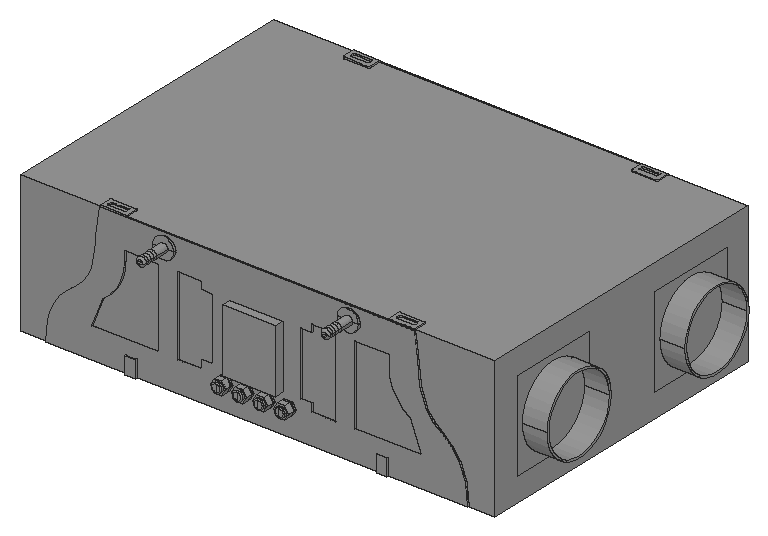
Revit family "VUT PB_en", category Оборудование, Revit 2021
Family settings
  Размер круглого соединителя = Использовать диаметр
  Классификация = Нет
  Тип детали = Нормальный
  На основе рабочей плоскости = Нет
  Всегда вертикально = Да
  При загрузке вырезать с полостями = Нет
  Общий = Нет
  Точка принадлежности помещению = Нет
Parameters (values of type "VUT 180 P5B EC A21")
  Изготовитель = "Vents"  # constant formula
  Width = B  # 600 mm
  Top mount = no
  Right = no
  Отметка по умолчанию = 0 mm
  Length = L  # 900 mm
  Left = no
  l6 = 137 mm
  l5 = 137 mm
  l4 = 132 mm
  l3 = 132 mm
  l22 = 144 mm
  l2 = 137 mm
  l = 50 mm  # constant formula
  h1 = 0 mm
  h = -H / 2  # -132 mm
  Weight = 14.00 kg
  Voltage = 230 V
  URL = "https://ventilation-system.com/series/vut-vue-180-p5b-ec"
  Sound pressure level at 3 m distance = "33 dBA"
  Pressure_Static_Air [instance] = 0.0 m³/h
  Power = 87 W
  Number of Fase = 1
  Maximum Air Flow = 220.0 m³/h
  Maintenance zone material = none
  Load Classification = "HVAC"
  l222 = if(Left, l2, if(Type 180, 137 mm, l22))  # 137 mm
  L = 900 mm
  Height = H  # 264 mm
  H = 264 mm
  Filter = "G4, F7"
  Dy = D - 5 mm  # 145 mm
  Diameter = D  # 150 mm
  D = 150 mm
  Casing Material = Polypropylene (black)
  B = 600 mm
  Amperage = 0.71 A
  Air Flow [instance] = 0.0 m³/h
  A = 500 mm
  Type 180 = yes
  09_System_Name [instance] = ""
  00_20_Type = "VUT 180 P5B EC A21"
  00_20_Name = "Heat recovery air handling unit"  # constant formula
  00_20_Manufacturer = "Vents"  # constant formula
Types (9, lengths in mm): name | Width | Top mount | Right | Length | Left | l6 | l5 | l4 | l3 | l22 | l2 | h1 | h | Weight | URL | Sound pressure level at 3 m distance | Power | Maximum Air Flow | l222 | L | Height | H | Dy | Diameter | D | Casing Material | B | Amperage | A | Type 180 | 00_20_Type
  (no name) | 600 | no | no | 900 | no | 137 | 137 | 132 | 132 | 144 | 137 | 0 | -132 | 14.00 kg | "https://ventilation-system.com/series/vut-vue-180-p5b-ec" | "33 dBA" | 87 W | 220.0 m³/h | 137 | 900 | 264 | 264 | 145 | 150 | 150 | Polypropylene (black) | 600 | 0.71 A | 500 | yes | "VUT 180 P5B EC A21"
  VUT 160 PB EC L A21 | 754 | yes | no | 1008 | yes | 216 | 123 | 128 | 159 | 144 | 245 | 20 | -170 | 48.00 kg | "https://ventilation-system.com/uploads/download/v108en_a4_04_preview.pdf" | "26 dBA" | 50 W | 190.0 m³/h | 245 | 1008 | 340 | 340 | 120 | 125 | 125 | Steel, galvanized | 754 | 0.4 A | 500 | no | "VUT 160 PB EC L A21"
  VUT 160 PB EC R A21 | 754 | yes | yes | 1008 | no | 245 | 245 | 159 | 128 | 216 | 123 | 20 | -170 | 48.00 kg | "https://ventilation-system.com/uploads/download/v108en_a4_04_preview.pdf" | "26 dBA" | 50 W | 190.0 m³/h | 216 | 1008 | 340 | 340 | 120 | 125 | 125 | Steel, galvanized | 754 | 0.4 A | 500 | no | "VUT 160 PB EC R A21"
  VUT 250 PB EC R A21 | 754 | yes | yes | 1008 | no | 245 | 245 | 159 | 128 | 216 | 123 | 20 | -170 | 48.00 kg | "https://ventilation-system.com/uploads/download/v108en_a4_04_preview.pdf" | "28 dBA" | 101 W | 270.0 m³/h | 216 | 1008 | 340 | 340 | 120 | 125 | 125 | Steel, galvanized | 754 | 0.8 A | 500 | no | "VUT 250 PB EC R A21"
  VUT 250 PB EC L A21 | 754 | yes | no | 1008 | yes | 216 | 123 | 128 | 159 | 144 | 245 | 20 | -170 | 48.00 kg | "https://ventilation-system.com/uploads/download/v108en_a4_04_preview.pdf" | "28 dBA" | 101 W | 270.0 m³/h | 245 | 1008 | 340 | 340 | 120 | 125 | 125 | Steel, galvanized | 754 | 0.8 A | 500 | no | "VUT 250 PB EC L A21"
  VUT 350 PB EC L A21 | 1044 | yes | no | 1138 | yes | 282 | 144 | 119 | 159 | 144 | 345 | 20 | -170 | 70.00 kg | "https://ventilation-system.com/uploads/download/v108en_a4_04_preview.pdf" | "34 dBA" | 170 W | 410.0 m³/h | 345 | 1138 | 340 | 340 | 155 | 160 | 160 | Steel, galvanized | 1044 | 1.3 A | 700 | no | "VUT 350 PB EC L A21"
  VUT 350 PB EC R A21 | 1044 | yes | yes | 1138 | no | 345 | 345 | 159 | 119 | 144 | 144 | 20 | -170 | 70.00 kg | "https://ventilation-system.com/uploads/download/v108en_a4_04_preview.pdf" | "34 dBA" | 170 W | 410.0 m³/h | 144 | 1138 | 340 | 340 | 155 | 160 | 160 | Steel, galvanized | 1044 | 1.3 A | 700 | no | "VUT 350 PB EC R A21"
  VUT 180 P5B EC A21 | 600 | no | no | 900 | no | 137 | 137 | 132 | 132 | 144 | 137 | 0 | -132 | 14.00 kg | "https://ventilation-system.com/series/vut-vue-180-p5b-ec" | "33 dBA" | 87 W | 220.0 m³/h | 137 | 900 | 264 | 264 | 145 | 150 | 150 | Polypropylene (black) | 600 | 0.71 A | 500 | yes | "VUT 180 P5B EC A21"
  VUE 180 P5B EC A21 | 600 | no | no | 900 | no | 137 | 137 | 132 | 132 | 144 | 137 | 0 | -132 | 14.00 kg | "https://ventilation-system.com/series/vut-vue-180-p5b-ec" | "33 dBA" | 87 W | 220.0 m³/h | 137 | 900 | 264 | 264 | 145 | 150 | 150 | Polypropylene (black) | 600 | 0.71 A | 500 | yes | "VUE 180 P5B EC A21"
Reference planes
  plane 1 "По центру (Вперед/Назад)": y = 0
  plane 2: z = 0
  plane 3 "По центру (Влево/Вправо)": x = 0
  plane 4: y = 300
  plane 5: y = -300
  plane 6: x = 450
  plane 7: x = -450
Forms (mm)
  Extrusion 1, solid, material "Polypropylene (black)" <- "Casing Material"
    sketch origin (0, 0, 0) x (1, 0, 0) y (0, 1, 0)
      loop
        line (-450, 300) -> (-450, -300) -> (450, -300) -> (450, 300) -> (-450, 300)
    from -264 to 0
  Extrusion 2, solid, material "Polypropylene (black)" <- "Casing Material", visible <- "Top mount"
    sketch origin (0, 0, 0) x (1, 0, 0) y (0, 0, 1)
      loop
        line (-402, -20) -> (-402, -18) -> (-456, -18) -> (-456, 0) -> (-490, 0) -> (-490, -2) -> (-458, -2) -> (-458, -20) -> (-402, -20)
    from -250 to 250
  Extrusion 3, solid, material "Polypropylene (black)" <- "Casing Material", visible <- "Top mount"
    sketch origin (0, 0, 0) x (-1, 0, 0) y (0, 0, -1)
      loop
        line (-402, 20) -> (-458, 20) -> (-458, 2) -> (-490, 2) -> (-490, 0) -> (-456, 0) -> (-456, 18) -> (-402, 18) -> (-402, 20)
    from -250 to 250
  Extrusion 4, solid, material "Сталь, гальванизированная"
    sketch origin (0, -182.221, 9.797) x (0, 1, 0) y (0, 0, 1)
      loop
        circle (345.221, -141.797) r 75
      loop
        circle (345.221, -141.797) r 72.5
    from -500 to -450
  Extrusion 5, solid, material "Сталь, гальванизированная"
    sketch origin (0, -542.221, 9.797) x (0, 1, 0) y (0, 0, 1)
      loop
        circle (379.221, -141.797) r 75
      loop
        circle (379.221, -141.797) r 72.5
    from -500 to -450
  Extrusion 6, solid, material "Сталь, гальванизированная"
    sketch origin (0, -182.221, 9.797) x (0, 1, 0) y (0, 0, -1)
      loop
        circle (345.221, 141.797) r 75
      loop
        circle (345.221, 141.797) r 72.5
    from -500 to -450
  Extrusion 7, solid, material "Сталь, гальванизированная"
    sketch origin (0, -542.221, 9.797) x (0, 1, 0) y (0, 0, -1)
      loop
        circle (379.221, 141.797) r 75
      loop
        circle (379.221, 141.797) r 72.5
    from -500 to -450
  Extrusion 8, solid, material "Polypropylene (black)" <- "Casing Material", visible <- "Right"
    sketch origin (-118.607, 0, 0) x (1, 0, 0) y (0, 1, 0)
      loop
        line (76.107, -300) -> (76.107, -385) -> (161.107, -385) -> (161.107, -300) -> (76.107, -300)
    from -264 to -290
  Extrusion 9, solid, material "Сталь, гальванизированная", visible <- "Left"
    sketch origin (-118.607, 0, 0) x (1, 0, 0) y (0, 1, 0)
      loop
        line (76.107, 300) -> (161.107, 300) -> (161.107, 385) -> (76.107, 385) -> (76.107, 300)
    from -340 to -290
  Extrusion 10, solid, material "Сталь, гальванизированная", visible <- "Type 180"
    sketch origin (0, 0, 0) x (0, 1, 0) y (0, 0, 1)
      loop
        line (302, -234) -> (302, -264) -> (-302, -264) -> (-302, -234) -> (-304, -234) -> (-304, -266) -> (304, -266) -> (304, -234) -> (302, -234)
    from 228.7 to 248.66
  Extrusion 11, solid, material "Сталь, гальванизированная", visible <- "Type 180"
    sketch origin (0, 0, 0) x (0, 1, 0) y (0, 0, -1)
      loop
        line (302, 234) -> (304, 234) -> (304, 266) -> (-304, 266) -> (-304, 234) -> (-302, 234) -> (-302, 264) -> (302, 264) -> (302, 234)
    from 228.7 to 248.66
  Extrusion 12, solid, material "Сталь, гальванизированная", visible <- "Type 180"
    sketch origin (0, 0, 0) x (1, 0, 0) y (0, 0, 1)
      loop
        line (50, -191.612) -> (50, -71.612) -> (-50, -71.612) -> (-50, -191.612) -> (50, -191.612)
    from 300 to 320
  Extrusion 13, solid, material "Сталь, гальванизированная", visible <- "Type 180"
    sketch origin (0, 0, 0) x (0, 1, 0) y (0, 0, 1)
      loop
        line (248, -217) -> (248, -47) -> (78, -47) -> (78, -217) -> (248, -217)
      loop
        line (-78, -217) -> (-78, -47) -> (-248, -47) -> (-248, -217) -> (-78, -217)
    from 450 to 451
  Extrusion 14, solid, material "Сталь, гальванизированная", visible <- "Type 180"
    sketch origin (0, 0, 0) x (0, 1, 0) y (0, 0, -1)
      loop
        line (248, 217) -> (78, 217) -> (78, 47) -> (248, 47) -> (248, 217)
      loop
        line (-78, 217) -> (-248, 217) -> (-248, 47) -> (-78, 47) -> (-78, 217)
    from 450 to 451
Text (mm)
  text "Улица" at (-1513.225, 249.998, 0), in view "Опорный уровень"
  text "Помещение" at (1546.775, 249.998, 0), in view "Опорный уровень"
Dimensions and locks
  equal spacing: plane 7, plane 3 "По центру (Влево/Вправо)", plane 6
  "L": plane 7 to plane 6
  equal spacing: plane 4, plane 1 "По центру (Вперед/Назад)", plane 5
  "B": plane 4 to plane 5
  "H": level to Extrusion 1
  "l222": Extrusion 5 sketch curve to plane 5
  "l3": Extrusion 1 to Extrusion 5 sketch curve
  "l4": Extrusion 1 to Extrusion 4 sketch curve
  "l5": plane 4 to Extrusion 4 sketch curve
  "l": Extrusion 4 to plane 7
  "l": Extrusion 5 to plane 7
  "l3": Extrusion 7 sketch curve to Extrusion 1
  "l2": plane 5 to Extrusion 7 sketch curve
  "l4": Extrusion 1 to Extrusion 6 sketch curve
  "l6": Extrusion 6 sketch curve to plane 4
  "l": plane 6 to Extrusion 6
  "l": plane 6 to Extrusion 7
  equal spacing: Extrusion 2, plane 1 "По центру (Вперед/Назад)", Extrusion 2
  "A": Extrusion 2 to Extrusion 2
  equal spacing: Extrusion 3, plane 1 "По центру (Вперед/Назад)", Extrusion 3
  "A": Extrusion 3 to Extrusion 3
  "h1": level to Extrusion 1
  Extrusion 10 to Extrusion 10 = 19.96 mm
  locked: Extrusion 12 to plane 5 at 20
  locked: plane 6 to Extrusion 13 at 1
  "D": diameter of Extrusion 4 sketch curve
  "D": diameter of Extrusion 5 sketch curve
  "D": diameter of Extrusion 6 sketch curve
  "D": diameter of Extrusion 7 sketch curve
  "Dy": diameter of Extrusion 4 sketch curve
  "Dy": diameter of Extrusion 5 sketch curve
  "Dy": diameter of Extrusion 7 sketch curve
  "Dy": diameter of Extrusion 6 sketch curve
  aligned and locked: level to plane 2
  aligned and locked: Extrusion 1 sketch curve to plane 4
  aligned and locked: Extrusion 1 sketch curve to plane 7
  aligned and locked: plane 5 to Extrusion 1 sketch curve
  aligned and locked: plane 6 to Extrusion 1 sketch curve
  aligned and locked: nested 1 to plane 4
  aligned and locked: Extrusion 5 to plane 7
  aligned and locked: Extrusion 4 to plane 7
  aligned and locked: plane 6 to Extrusion 6
  aligned and locked: plane 6 to Extrusion 7
  aligned and locked: nested 2 to plane 5
  aligned and locked: plane 3 "По центру (Влево/Вправо)" to nested 2
  aligned and locked: plane 5 to nested 5
  aligned and locked: plane 3 "По центру (Влево/Вправо)" to nested 5
  aligned and locked: nested 3 to plane 5
  aligned and locked: nested 4 to plane 5
  aligned and locked: Extrusion 1 to Extrusion 8
  aligned and locked: nested 1 to plane 3 "По центру (Влево/Вправо)"
  aligned and locked: nested 6 to plane 4
  aligned and locked: plane 4 to nested 8
  aligned and locked: nested 7 to plane 4
  aligned and locked: Extrusion 9 to plane 4
  aligned and locked: plane 3 "По центру (Влево/Вправо)" to nested 9
  aligned and locked: nested 9 to plane 5
  aligned and locked: nested 10 to plane 4
  aligned and locked: nested 10 to plane 3 "По центру (Влево/Вправо)"
  aligned and locked: Extrusion 10 to nested 10
  aligned and locked: nested 10 to Extrusion 11
  aligned and locked: plane 5 to Extrusion 12
  aligned and locked: nested 11 to plane 5
  aligned and locked: nested 15 to plane 5
  aligned and locked: plane 5 to nested 16
  aligned and locked: plane 6 to Extrusion 13
  aligned and locked: Extrusion 14 to plane 7
  aligned and locked: nested 17 to plane 5
  aligned and locked: nested 18 to plane 5
  aligned and locked: nested 20 to plane 4
  aligned and locked: nested 19 to plane 4
Automatic sketch dimensions
  Extrusion 2 sketch curve to level = 0 mm
  plane 7 to Extrusion 2 sketch curve = 40 mm
  Extrusion 2 sketch curve to level = 2 mm
  plane 7 to Extrusion 2 sketch curve = 8 mm
  Extrusion 2 sketch curve to Extrusion 2 sketch curve = 2 mm  (x2)
  Extrusion 2 sketch curve to level = 18 mm
  Extrusion 2 sketch curve to plane 7 = 48 mm
  Extrusion 3 sketch curve to level = 0 mm
  Extrusion 3 sketch curve to plane 6 = 40 mm
  Extrusion 3 sketch curve to level = 2 mm
  Extrusion 3 sketch curve to plane 6 = 8 mm
  Extrusion 3 sketch curve to Extrusion 3 sketch curve = 2 mm  (x2)
  Extrusion 3 sketch curve to level = 18 mm
  plane 6 to Extrusion 3 sketch curve = 48 mm
  Extrusion 8 sketch curve to plane 5 = 0 mm
  Extrusion 8 sketch curve to plane 3 "По центру (Влево/Вправо)" = 42.5 mm
  plane 3 "По центру (Влево/Вправо)" to Extrusion 8 sketch curve = 42.5 mm
  Extrusion 8 sketch curve to plane 5 = 85 mm
  Extrusion 9 sketch curve to plane 4 = 0 mm
  plane 3 "По центру (Влево/Вправо)" to Extrusion 9 sketch curve = 42.5 mm
  Extrusion 9 sketch curve to plane 3 "По центру (Влево/Вправо)" = 42.5 mm
  Extrusion 9 sketch curve to Extrusion 9 sketch curve = 85 mm
  Extrusion 10 sketch curve to plane 5 = 4 mm
  Extrusion 10 sketch curve to plane 5 = 2 mm
  plane 4 to Extrusion 10 sketch curve = 2 mm
  Extrusion 10 sketch curve to Extrusion 10 sketch curve = 2 mm  (x2)
  Extrusion 10 sketch curve to level = 266 mm
  Extrusion 10 sketch curve to Extrusion 10 sketch curve = 30 mm  (x2)
  Extrusion 11 sketch curve to plane 5 = 4 mm
  Extrusion 11 sketch curve to plane 5 = 2 mm
  plane 4 to Extrusion 11 sketch curve = 2 mm
  Extrusion 11 sketch curve to Extrusion 11 sketch curve = 2 mm  (x2)
  Extrusion 11 sketch curve to level = 234 mm  (x2)
  Extrusion 11 sketch curve to Extrusion 11 sketch curve = 30 mm
  Extrusion 12 sketch curve to plane 3 "По центру (Влево/Вправо)" = 50 mm
  plane 3 "По центру (Влево/Вправо)" to Extrusion 12 sketch curve = 50 mm
  Extrusion 12 sketch curve to level = 191.612 mm
  Extrusion 12 sketch curve to level = 71.612 mm
  plane 5 to Extrusion 13 sketch curve = 52 mm
  plane 1 "По центру (Вперед/Назад)" to Extrusion 13 sketch curve = 78 mm
  Extrusion 13 sketch curve to plane 1 "По центру (Вперед/Назад)" = 78 mm
  Extrusion 13 sketch curve to plane 4 = 52 mm
  Extrusion 13 sketch curve to level = 217 mm  (x2)
  Extrusion 13 sketch curve to level = 47 mm  (x2)
  plane 5 to Extrusion 14 sketch curve = 52 mm
  plane 1 "По центру (Вперед/Назад)" to Extrusion 14 sketch curve = 78 mm
  Extrusion 14 sketch curve to plane 1 "По центру (Вперед/Назад)" = 78 mm
  Extrusion 14 sketch curve to plane 4 = 52 mm
  Extrusion 14 sketch curve to level = 47 mm  (x2)
  Extrusion 14 sketch curve to Extrusion 14 sketch curve = 170 mm  (x2)
  Extrusion 4 sketch curve to Extrusion 4 sketch curve = 0 mm  (x2)
  Extrusion 5 sketch curve to Extrusion 5 sketch curve = 0 mm  (x2)
  Extrusion 6 sketch curve to Extrusion 6 sketch curve = 0 mm  (x2)
  Extrusion 7 sketch curve to Extrusion 7 sketch curve = 0 mm  (x2)
Nested families
  nested 1: "Штуцер" at (0, 300, -132) x (0, 0, 1) z (0, 1, 0), built-in parameter 1001360 <- "h", visible <- "Left", type "24"
  nested 2: "Штуцер" at (0, -300, -132) x (0, 0, 1) z (0, -1, 0), built-in parameter 1001360 <- "h", visible <- "Right", type "24"
  nested 3: "Штуцер" at (-50, -300, -132) x (0, 0, 1) z (0, -1, 0), built-in parameter 1001360 <- "h", visible <- "Right", type "24"
  nested 4: "Штуцер" at (50, -300, -132) x (0, 0, 1) z (0, -1, 0), built-in parameter 1001360 <- "h", visible <- "Right", type "24"
  nested 5: "Штуцер" at (0, -300, -220) x (1, 0, 0) z (0, -1, 0), visible <- "Right", type "24"
  nested 6: "Штуцер" at (-50, 300, -132) x (0, 0, 1) z (0, 1, 0), built-in parameter 1001360 <- "h", visible <- "Left", type "24"
  nested 7: "Штуцер" at (50, 300, -132) x (0, 0, 1) z (0, 1, 0), built-in parameter 1001360 <- "h", visible <- "Left", type "24"
  nested 8: "Штуцер" at (0, 300, -220) x (1, 0, 0) z (0, 1, 0), visible <- "Left", type "24"
  nested 9: "Накладка" at (0, -300, 0), visible <- "Type 180", type "Накладка"
  nested 10: "Накладка" at (0, 300, 0), visible <- "Type 180", type "Накладка"
  nested 11: "Штуцер" at (20, -300, -214.5) x (0, 0, 1) z (0, -1, 0), visible <- "Type 180", type "24"
  nested 12: "Штуцер" at (60, -300, -214.5) x (0, 0, 1) z (0, -1, 0), visible <- "Type 180", type "24"
  nested 13: "Штуцер" at (-20, -300, -214.5) x (0, 0, 1) z (0, -1, 0), visible <- "Type 180", type "24"
  nested 14: "Штуцер" at (-60, -300, -214.5) x (0, 0, 1) z (0, -1, 0), visible <- "Type 180", type "24"
  nested 15: "Наконечник" at (-175, -300, -25), visible <- "Type 180", type "Наконечник"
  nested 16: "Наконечник" at (175, -300, -25) x (-1, 0, 0) z (0, 0, 1), visible <- "Type 180", type "Наконечник"
  nested 17: "Наконечник" at (324, -300, -45), visible <- "Left", type "Наконечник"
  nested 18: "Наконечник" at (-226, -300, -45), visible <- "Left", type "Наконечник"
  nested 19: "Наконечник" at (324, 300, -45), visible <- "Right", type "Наконечник"
  nested 20: "Наконечник" at (-226, 300, -45), visible <- "Right", type "Наконечник"
Connectors
  hvac at (-500, -163, -132), driven by "D"
    settings: on Extrusion 5, index 1, duct flow 0.0 m³/h, flow factor 0, pres drop 0.0 Pa, loss coef 0, conn angle 0.00°, conn width 304.8 mm, conn height 304.8 mm, conn diameter 150 mm, duct sys type 4, conn prof type 0, flow config 0, flow direction 0, loss method 0, conn ref index -1, conn util no, is conn primary yes, conn desc ""
  hvac at (-500, 163, -132), driven by "D"
    settings: on Extrusion 4, index 2, duct flow 0.0 m³/h, flow factor 0, pres drop 0.0 Pa, loss coef 0, conn angle 0.00°, conn width 304.8 mm, conn height 304.8 mm, conn diameter 150 mm, duct sys type 4, conn prof type 0, flow config 0, flow direction 0, loss method 0, conn ref index -1, conn util no, is conn primary no, conn desc ""
  hvac at (500, -163, -132), driven by "D"
    settings: on Extrusion 7, index 3, duct flow 0.0 m³/h, flow factor 0, pres drop 0.0 Pa, loss coef 0, conn angle 0.00°, conn width 304.8 mm, conn height 304.8 mm, conn diameter 150 mm, duct sys type 4, conn prof type 0, flow config 0, flow direction 0, loss method 0, conn ref index -1, conn util no, is conn primary no, conn desc ""
  hvac at (500, 163, -132), driven by "D"
    settings: on Extrusion 6, index 4, duct flow 0.0 m³/h, flow factor 0, pres drop 0.0 Pa, loss coef 0, conn angle 0.00°, conn width 304.8 mm, conn height 304.8 mm, conn diameter 150 mm, duct sys type 4, conn prof type 0, flow config 0, flow direction 0, loss method 0, conn ref index -1, conn util no, is conn primary no, conn desc ""
  piping at (324, 305, -45), diameter 16
    settings: on nested 19, index 5, connector inside diameter 609.6 mm, connector length 0 mm, flow factor 0, pipe flow 0.0 L/s, pressure drop 0.0 Pa, fitting loss kfactor 0, connector angle 0.00°, fixture units 0, engagement length 0 mm, angle of deflection 0.00°, flow configuration 0, flow direction 0, fitting loss method 0, system type 22, joint type 0, gender type 0, connector reference index -1, connector utility 0, adjustable connector no, is connector primary yes, connector description ""
  piping at (-226, 305, -45), diameter 16
    settings: on nested 20, index 6, connector inside diameter 609.6 mm, connector length 0 mm, flow factor 0, pipe flow 0.0 L/s, pressure drop 0.0 Pa, fitting loss kfactor 0, connector angle 0.00°, fixture units 0, engagement length 0 mm, angle of deflection 0.00°, flow configuration 0, flow direction 0, fitting loss method 0, system type 22, joint type 0, gender type 0, connector reference index -1, connector utility 0, adjustable connector no, is connector primary no, connector description ""
  piping at (324, -305, -45), diameter 16
    settings: on nested 17, index 7, connector inside diameter 609.6 mm, connector length 0 mm, flow factor 0, pipe flow 0.0 L/s, pressure drop 0.0 Pa, fitting loss kfactor 0, connector angle 0.00°, fixture units 0, engagement length 0 mm, angle of deflection 0.00°, flow configuration 0, flow direction 0, fitting loss method 0, system type 22, joint type 0, gender type 0, connector reference index -1, connector utility 0, adjustable connector no, is connector primary no, connector description ""
  piping at (175, -305, -25), diameter 16
    settings: on nested 16, index 8, connector inside diameter 609.6 mm, connector length 0 mm, flow factor 0, pipe flow 0.0 L/s, pressure drop 0.0 Pa, fitting loss kfactor 0, connector angle 0.00°, fixture units 0, engagement length 0 mm, angle of deflection 0.00°, flow configuration 0, flow direction 0, fitting loss method 0, system type 22, joint type 0, gender type 0, connector reference index -1, connector utility 0, adjustable connector no, is connector primary no, connector description ""
  piping at (-175, -305, -25), diameter 16
    settings: on nested 15, index 9, connector inside diameter 609.6 mm, connector length 0 mm, flow factor 0, pipe flow 0.0 L/s, pressure drop 0.0 Pa, fitting loss kfactor 0, connector angle 0.00°, fixture units 0, engagement length 0 mm, angle of deflection 0.00°, flow configuration 0, flow direction 0, fitting loss method 0, system type 22, joint type 0, gender type 0, connector reference index -1, connector utility 0, adjustable connector no, is connector primary no, connector description ""
  piping at (-226, -305, -45), diameter 16
    settings: on nested 18, index 10, connector inside diameter 609.6 mm, connector length 0 mm, flow factor 0, pipe flow 0.0 L/s, pressure drop 0.0 Pa, fitting loss kfactor 0, connector angle 0.00°, fixture units 0, engagement length 0 mm, angle of deflection 0.00°, flow configuration 0, flow direction 0, fitting loss method 0, system type 22, joint type 0, gender type 0, connector reference index -1, connector utility 0, adjustable connector no, is connector primary no, connector description ""
Definition of nested family "Штуцер"
  Parameters (values of type "32")
    Default Elevation = 0 mm
    r1 = r / 1.3333  # 12 mm
    r = 16 mm
    h3 = H / 3.2  # 10 mm
    h1 = H / 1.28  # 25 mm
    h4 = H / 6.4  # 5 mm
    H = 32 mm
    A = 2 * r * tan(30.00°)  # 18.475 mm
  Types (3, lengths in mm): name | r1 | r | h3 | h1 | h4 | H | A
    32 | 12 | 16 | 10 | 25 | 5 | 32 | 18.475
    24 | 9 | 12 | 7.5 | 18.75 | 3.75 | 24 | 13.856
    16 | 6 | 8 | 5 | 12.5 | 2.5 | 16 | 9.238
  Reference planes
    plane 1 "По центру (Вперед/Назад)": y = 0
    plane 2: z = 0
    plane 3 "По центру (Влево/Вправо)": x = 0
  Forms (mm)
    Extrusion 1, solid
      sketch origin (-129.783, 0, -1.583) x (-1, 0, 0) y (0, -1, 0)
        loop
          line (-129.783, -18.475) -> (-113.783, -9.238) -> (-113.783, 9.238) -> (-129.783, 18.475) -> (-145.783, 9.238) -> (-145.783, -9.238) -> (-129.783, -18.475)
      from 1.583 to 6.583
    Extrusion 2, solid
      sketch origin (-129.783, 0, 0) x (-1, 0, 0) y (0, -1, 0)
        loop
          circle (-129.783, 0) r 12
      from 5 to 10
    Extrusion 3, solid
      sketch origin (-129.783, 0, 14.25) x (-1, 0, 0) y (0, -1, 0)
        loop
          line (-129.783, -18.475) -> (-113.783, -9.238) -> (-113.783, 9.238) -> (-129.783, 18.475) -> (-145.783, 9.238) -> (-145.783, -9.238) -> (-129.783, -18.475)
      from -4.25 to 10.75
    Revolve 4, solid
      sketch origin (-129.783, 0, -5.678) x (-1, 0, 0) y (0, 0, -1)
        loop
          line (-117.783, -30.678) -> (-129.783, -30.678) -> (-129.783, -37.678) -> (-118.783, -37.678)
          arc (-118.783, -37.678) -> (-118.076, -37.385) -> (-117.783, -36.678) r 1
          line (-117.783, -36.678) -> (-117.783, -30.678)
        axis (-129.783, -37.678) -> (-129.783, -30.678)
      angle from 0 to 360
  Dimensions and locks
    "A": Extrusion 3 sketch curve to Extrusion 3 sketch curve  (x6)
    equal spacing: Extrusion 3 sketch curve, plane 1 "По центру (Вперед/Назад)", Extrusion 3 sketch curve  (x2)
    "A": Extrusion 3 sketch curve to plane 1 "По центру (Вперед/Назад)" to Extrusion 3 sketch curve
    "A": Extrusion 1 sketch curve to Extrusion 1 sketch curve  (x6)
    "A": Extrusion 1 sketch curve to plane 1 "По центру (Вперед/Назад)" to Extrusion 1 sketch curve
    "r1": plane 3 "По центру (Влево/Вправо)" to Revolve 4 sketch curve
    "H": level to Revolve 4 sketch curve
    "h1": level to Extrusion 3
    "h3": level to Extrusion 3
    "h1": level to Revolve 4 sketch curve
    "h3": level to Extrusion 2
    "h4": level to Extrusion 2
    "h4": level to Extrusion 1
    "r1": radius of Extrusion 2 sketch curve
    aligned and locked: level to plane 2
    aligned and locked: Extrusion 1 to Extrusion 2
    aligned and locked: Extrusion 1 to level
    aligned and locked: Extrusion 3 to Extrusion 2
  Automatic sketch dimensions
    Extrusion 1 sketch curve to plane 3 "По центру (Влево/Вправо)" = 0 mm  (x2)
    plane 1 "По центру (Вперед/Назад)" to Extrusion 2 sketch curve = 0 mm
    Extrusion 2 sketch curve to plane 3 "По центру (Влево/Вправо)" = 0 mm
    Extrusion 3 sketch curve to plane 3 "По центру (Влево/Вправо)" = 0 mm
    Revolve 4 sketch curve to plane 3 "По центру (Влево/Вправо)" = 0 mm  (x2)
    Revolve 4 sketch curve to Revolve 4 sketch curve = 1 mm
    level to Revolve 4 sketch curve = 1.702 mm
    Revolve 4 sketch curve to level = 6.18 mm
Definition of nested family "Накладка"
  Parameters
    Default Elevation = 0 mm
  Reference planes
    plane 1 "По центру (Вперед/Назад)": y = 0
    plane 2: z = 0
    plane 3 "По центру (Влево/Вправо)": x = 0
  Forms (mm)
    Extrusion 1, solid
      sketch origin (0, 0, 0) x (1, 0, 0) y (0, 0, 1)
        loop
          spline (-298.66, 0) -> (-302.431, -25.406) -> (-304.881, -50.914) -> (-307.337, -75.574) -> (-311.13, -98.439) -> (-317.587, -118.562) -> (-327.969, -135.068) -> (-341.97, -148.775) -> (-357.735, -162.175) -> (-373.343, -177.833) -> (-386.871, -198.313) -> (-396.397, -226.181) -> (-400, -264)
          line (-400, -264) -> (400, -264)
          spline (400, -264) -> (396.397, -226.181) -> (386.871, -198.313) -> (373.343, -177.833) -> (357.735, -162.175) -> (341.97, -148.775) -> (327.969, -135.068) -> (317.587, -118.562) -> (311.13, -98.439) -> (307.337, -75.574) -> (304.881, -50.914) -> (302.431, -25.406) -> (298.66, 0)
          line (298.66, 0) -> (-298.66, 0)
        loop
          line (-185.861, -57) -> (-251.16, -57) -> (-251.16, -77.315)
          arc (-251.16, -77.315) -> (-261.818, -119.562) -> (-291.241, -151.698) r 89.062
          line (-291.241, -151.698) -> (-313.361, -207) -> (-185.861, -207) -> (-185.861, -57)
        loop
          line (-150.109, -57) -> (-150.109, -207) -> (-104.052, -207) -> (-104.052, -191.612) -> (-84.052, -191.612) -> (-84.052, -71.612) -> (-104.052, -71.612) -> (-104.052, -57) -> (-150.109, -57)
        loop
          line (185.861, -57) -> (185.861, -207) -> (313.361, -207) -> (291.241, -151.698)
          arc (291.241, -151.698) -> (261.818, -119.562) -> (251.16, -77.315) r 89.062
          line (251.16, -77.315) -> (251.16, -57) -> (185.861, -57)
        loop
          line (150.109, -57) -> (104.052, -57) -> (104.052, -71.612) -> (84.052, -71.612) -> (84.052, -191.612) -> (104.052, -191.612) -> (104.052, -207) -> (150.109, -207) -> (150.109, -57)
      from 0 to 2
    Extrusion 2, solid
      sketch origin (0, 0, 0) x (1, 0, 0) y (0, 1, 0)
        loop
          line (-298.66, 0) -> (-248.66, 0) -> (-248.66, 22)
          arc (-248.66, 22) -> (-249.539, 24.121) -> (-251.66, 25) r 3
          line (-251.66, 25) -> (-295.66, 25)
          arc (-295.66, 25) -> (-297.781, 24.121) -> (-298.66, 22) r 3
          line (-298.66, 22) -> (-298.66, 0)
        loop
          line (-258.66, 18) -> (-288.66, 18)
          arc (-288.66, 18) -> (-290.781, 17.121) -> (-291.66, 15) r 3
          line (-291.66, 15) -> (-291.66, 10)
          arc (-291.66, 10) -> (-290.781, 7.879) -> (-288.66, 7) r 3
          line (-288.66, 7) -> (-258.66, 7)
          arc (-258.66, 7) -> (-256.539, 7.879) -> (-255.66, 10) r 3
          line (-255.66, 10) -> (-255.66, 15)
          arc (-255.66, 15) -> (-256.539, 17.121) -> (-258.66, 18) r 3
      from 0 to 2
    Extrusion 3, solid
      sketch origin (0, 0, 0) x (-1, 0, 0) y (0, -1, 0)
        loop
          line (-298.66, 0) -> (-298.66, -22)
          arc (-298.66, -22) -> (-297.781, -24.121) -> (-295.66, -25) r 3
          line (-295.66, -25) -> (-251.66, -25)
          arc (-251.66, -25) -> (-249.539, -24.121) -> (-248.66, -22) r 3
          line (-248.66, -22) -> (-248.66, 0) -> (-298.66, 0)
        loop
          arc (-258.66, -18) -> (-256.539, -17.121) -> (-255.66, -15) r 3
          line (-255.66, -15) -> (-255.66, -10)
          arc (-255.66, -10) -> (-256.539, -7.879) -> (-258.66, -7) r 3
          line (-258.66, -7) -> (-288.66, -7)
          arc (-288.66, -7) -> (-290.781, -7.879) -> (-291.66, -10) r 3
          line (-291.66, -10) -> (-291.66, -15)
          arc (-291.66, -15) -> (-290.781, -17.121) -> (-288.66, -18) r 3
          line (-288.66, -18) -> (-258.66, -18)
      from 0 to 2
    Extrusion 4, solid
      sketch origin (0, 0, -264) x (0, -1, 0) y (1, 0, 0)
        loop
          line (0, -298.66) -> (0, -248.66) -> (-22, -248.66)
          arc (-22, -248.66) -> (-24.121, -249.539) -> (-25, -251.66) r 3
          line (-25, -251.66) -> (-25, -295.66)
          arc (-25, -295.66) -> (-24.121, -297.781) -> (-22, -298.66) r 3
          line (-22, -298.66) -> (0, -298.66)
        loop
          line (-18, -258.66) -> (-18, -288.66)
          arc (-18, -288.66) -> (-17.121, -290.781) -> (-15, -291.66) r 3
          line (-15, -291.66) -> (-10, -291.66)
          arc (-10, -291.66) -> (-7.879, -290.781) -> (-7, -288.66) r 3
          line (-7, -288.66) -> (-7, -258.66)
          arc (-7, -258.66) -> (-7.879, -256.539) -> (-10, -255.66) r 3
          line (-10, -255.66) -> (-15, -255.66)
          arc (-15, -255.66) -> (-17.121, -256.539) -> (-18, -258.66) r 3
      from 0 to 2
    Extrusion 5, solid
      sketch origin (0, 0, -264) x (0, 1, 0) y (-1, 0, 0)
        loop
          line (0, -298.66) -> (22, -298.66)
          arc (22, -298.66) -> (24.121, -297.781) -> (25, -295.66) r 3
          line (25, -295.66) -> (25, -251.66)
          arc (25, -251.66) -> (24.121, -249.539) -> (22, -248.66) r 3
          line (22, -248.66) -> (0, -248.66) -> (0, -298.66)
        loop
          arc (18, -258.66) -> (17.121, -256.539) -> (15, -255.66) r 3
          line (15, -255.66) -> (10, -255.66)
          arc (10, -255.66) -> (7.879, -256.539) -> (7, -258.66) r 3
          line (7, -258.66) -> (7, -288.66)
          arc (7, -288.66) -> (7.879, -290.781) -> (10, -291.66) r 3
          line (10, -291.66) -> (15, -291.66)
          arc (15, -291.66) -> (17.121, -290.781) -> (18, -288.66) r 3
          line (18, -288.66) -> (18, -258.66)
      from 0 to 2
  Dimensions and locks
    aligned and locked: level to plane 2
  Automatic sketch dimensions
    Extrusion 1 sketch curve to level = 0 mm
    Extrusion 1 sketch curve to plane 3 "По центру (Влево/Вправо)" = 400 mm
    Extrusion 1 sketch curve to level = 77.315 mm  (x2)
    Extrusion 1 sketch curve to Extrusion 1 sketch curve = 59.778 mm
    Extrusion 1 sketch curve to Extrusion 1 sketch curve = 86.639 mm  (x2)
    Extrusion 1 sketch curve to Extrusion 1 sketch curve = 41.562 mm
    Extrusion 1 sketch curve to Extrusion 1 sketch curve = 22.121 mm  (x2)
    Extrusion 1 sketch curve to Extrusion 1 sketch curve = 47.5 mm  (x2)
    Extrusion 1 sketch curve to Extrusion 1 sketch curve = 105.379 mm
    Extrusion 1 sketch curve to Extrusion 1 sketch curve = 35.753 mm  (x2)
    Extrusion 1 sketch curve to Extrusion 1 sketch curve = 46.057 mm  (x3)
    Extrusion 1 sketch curve to Extrusion 1 sketch curve = 20 mm  (x3)
    plane 3 "По центру (Влево/Вправо)" to Extrusion 1 sketch curve = 84.052 mm
    Extrusion 1 sketch curve to Extrusion 1 sketch curve = 65.299 mm
    Extrusion 1 sketch curve to level = 151.698 mm
    Extrusion 1 sketch curve to Extrusion 1 sketch curve = 40.081 mm
    Extrusion 1 sketch curve to level = 191.612 mm
    Extrusion 1 sketch curve to Extrusion 1 sketch curve = 114.297 mm
    Extrusion 1 sketch curve to Extrusion 1 sketch curve = 15.388 mm  (x2)
    Extrusion 1 sketch curve to Extrusion 1 sketch curve = 0 mm
    Extrusion 1 sketch curve to Extrusion 1 sketch curve = 55.302 mm
    Extrusion 1 sketch curve to Extrusion 1 sketch curve = 57 mm
    Extrusion 1 sketch curve to level = 71.612 mm  (x2)
    Extrusion 1 sketch curve to Extrusion 1 sketch curve = 20.315 mm  (x2)
    Extrusion 1 sketch curve to Extrusion 1 sketch curve = 14.612 mm  (x2)
    plane 1 "По центру (Вперед/Назад)" to Extrusion 2 sketch curve = 0 mm
    Extrusion 2 sketch curve to plane 1 "По центру (Вперед/Назад)" = 22 mm
    Extrusion 2 sketch curve to plane 3 "По центру (Влево/Вправо)" = 298.66 mm
    Extrusion 2 sketch curve to Extrusion 2 sketch curve = 3 mm  (x4)
    Extrusion 2 sketch curve to Extrusion 2 sketch curve = 7 mm
    Extrusion 2 sketch curve to plane 1 "По центру (Вперед/Назад)" = 7 mm
    Extrusion 2 sketch curve to Extrusion 2 sketch curve = 30 mm
    Extrusion 2 sketch curve to Extrusion 2 sketch curve = 0 mm  (x2)
    Extrusion 2 sketch curve to Extrusion 2 sketch curve = 4 mm
    Extrusion 2 sketch curve to Extrusion 2 sketch curve = 10 mm
    Extrusion 2 sketch curve to Extrusion 2 sketch curve = 5 mm
    plane 1 "По центру (Вперед/Назад)" to Extrusion 3 sketch curve = 0 mm
    Extrusion 3 sketch curve to plane 1 "По центру (Вперед/Назад)" = 22 mm
    plane 3 "По центру (Влево/Вправо)" to Extrusion 3 sketch curve = 298.66 mm
    Extrusion 3 sketch curve to Extrusion 3 sketch curve = 3 mm  (x4)
    Extrusion 3 sketch curve to Extrusion 3 sketch curve = 7 mm
    Extrusion 3 sketch curve to plane 1 "По центру (Вперед/Назад)" = 7 mm
    Extrusion 3 sketch curve to Extrusion 3 sketch curve = 30 mm
    Extrusion 3 sketch curve to Extrusion 3 sketch curve = 0 mm
    Extrusion 3 sketch curve to Extrusion 3 sketch curve = 4 mm
    Extrusion 3 sketch curve to Extrusion 3 sketch curve = 10 mm
    Extrusion 3 sketch curve to Extrusion 3 sketch curve = 8 mm
    plane 1 "По центру (Вперед/Назад)" to Extrusion 4 sketch curve = 0 mm
    Extrusion 4 sketch curve to plane 1 "По центру (Вперед/Назад)" = 7 mm
    Extrusion 4 sketch curve to Extrusion 4 sketch curve = 3 mm  (x4)
    Extrusion 4 sketch curve to Extrusion 4 sketch curve = 5 mm  (x2)
    Extrusion 4 sketch curve to Extrusion 4 sketch curve = 4 mm  (x2)
    Extrusion 4 sketch curve to Extrusion 4 sketch curve = 7 mm  (x2)
    Extrusion 4 sketch curve to plane 3 "По центру (Влево/Вправо)" = 298.66 mm
    Extrusion 4 sketch curve to Extrusion 4 sketch curve = 30 mm
    Extrusion 4 sketch curve to Extrusion 4 sketch curve = 0 mm
    plane 1 "По центру (Вперед/Назад)" to Extrusion 5 sketch curve = 0 mm
    Extrusion 5 sketch curve to plane 1 "По центру (Вперед/Назад)" = 7 mm
    Extrusion 5 sketch curve to Extrusion 5 sketch curve = 3 mm  (x4)
    Extrusion 5 sketch curve to Extrusion 5 sketch curve = 5 mm  (x2)
    Extrusion 5 sketch curve to Extrusion 5 sketch curve = 7 mm  (x3)
    plane 3 "По центру (Влево/Вправо)" to Extrusion 5 sketch curve = 298.66 mm
    Extrusion 5 sketch curve to Extrusion 5 sketch curve = 30 mm
    Extrusion 5 sketch curve to Extrusion 5 sketch curve = 4 mm
Definition of nested family "Наконечник"
  Parameters (values of type "Наконечник")
    Default Elevation = 0 mm
  Reference planes
    plane 1 "По центру (Вперед/Назад)": y = 0
    plane 2: z = 0
    plane 3 "По центру (Влево/Вправо)": x = 0
  Forms (mm)
    Revolve 1, solid
      sketch origin (0, 360, 0) x (1, 0, 0) y (0, 1, 0)
        loop
          line (0, -420) -> (0, -360) -> (-20, -360) -> (-20, -365) -> (-8, -365) -> (-8, -391.878) -> (-6.177, -398.682) -> (-8, -398.682) -> (-6.177, -405.485) -> (-8, -405.485) -> (-6.177, -412.289) -> (-8, -412.289) -> (-8, -417)
          arc (-8, -417) -> (-7.121, -419.121) -> (-5, -420) r 3
          line (-5, -420) -> (0, -420)
        axis (0, -420) -> (0, -360)
      angle from 0 to 360
  Dimensions and locks
    aligned and locked: level to plane 2
